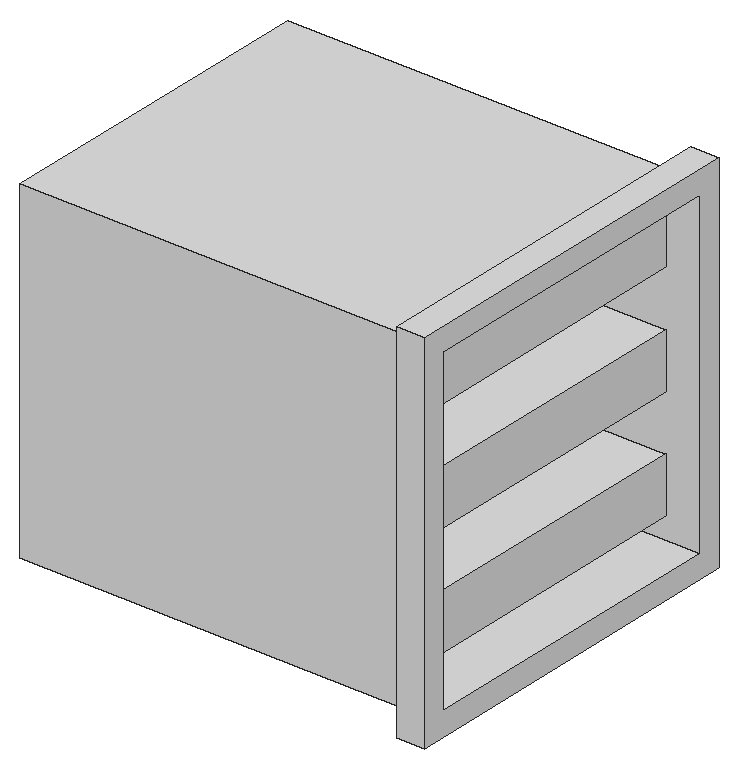
Revit family "KOMPLEKS CHEMOWENT - Tłumik", category Akcesoria wentylacyjne, Revit 2016
Family settings
  Typ części = Tłumik
  Wymiar okrągłego złącza = Użyj średnicy
  Oparty na płaszczyźnie roboczej = Nie
  Zawsze pionowo = Tak
  Tnij formami wycięć po wczytaniu = Nie
  Współdzielony = Nie
Parameters
  Wysokość n [instance] = 100 mm
  n ogr [instance] = if(Liczba kulis < 2, 2, if(Liczba kulis > 12, 12, Liczba kulis))  # 3
  Wysokość tłumika [instance] = Liczba kulis * 100 mm * 2  # 600 mm
  Wysokość kołnierza [instance] = A ogr + 60 mm  # 660 mm
  Szerokość tłumika [instance] = 600 mm
  Liczba kulis [instance] = 3
  Zakres grubości płyt [instance] = "4,6,8,10 i 12 mm"
  Wysokość wycięcia [instance] = A ogr - 2 * Grubość płyt  # 576 mm
  URL = "https://chemowent.pl/"
  Szerokość wycięcia [instance] = B ogr - 2 * Grubość płyt  # 576 mm
  Producent = "KOMPLEKS CHEMOWENT"
  Opis = "2.2.14. Tłumik"
  Model = "Tłumik"
  Materiał = KOMPLEKS CHEMOWENT - PPs
  L ogr [instance] = if(Długość tłumika < 500 mm, 500 mm, Długość tłumika)  # 700 mm
  Grubość płyt [instance] = 12 mm
  Szerokość kołnierza [instance] = B ogr + 60 mm  # 660 mm
  Długość tłumika [instance] = 700 mm
  Dokumentacja techniczna = "https://chemowent.pl/dopobrania/Katalog-techniczny-Chemowent"
  B ogr [instance] = if(Wysokość tłumika < 200 mm, 200 mm, Wysokość tłumika)  # 600 mm
  A ogr [instance] = if(Szerokość tłumika < 200 mm, 200 mm, Szerokość tłumika)  # 600 mm
Reference planes
  plane 1 "Środek (Przód/Tył)": y = 0
  plane 2: z = 0
  plane 3 "Środek (Lewa/Prawa)": x = 0
  plane 4: y = 300
  plane 5: y = -300
  plane 6: z = 600
  plane 7: x = 700
  plane 8: z = 300
  plane 9: z = 50
  plane 10: z = 150
Forms (mm)
  Sweep 1, solid, material "KOMPLEKS CHEMOWENT - PPs" <- "Materiał", detail levels fine
    path origin (0, 0, 0) x (1, 0, 0) y (0, 1, 0)
      loop
        line (750, 0) -> (700, 0)
    profile origin (725, 0, 0) x (0, -1, 0) y (0, 0, 1)
      loop
        line (-330, 630) -> (-330, -30) -> (330, -30) -> (330, 630) -> (-330, 630)
  Extrusion 2, solid, material "KOMPLEKS CHEMOWENT - PPs" <- "Materiał", detail levels fine
    sketch origin (0, 0, 0) x (1, 0, 0) y (0, 0, 1)
      loop
        line (0, 600) -> (0, 0) -> (700, 0) -> (700, 600) -> (0, 600)
    from -300 to 300
  Extrusion 3, void
    sketch origin (0, 0, 0) x (0, 1, 0) y (0, 0, 1)
      loop
        line (-288, 588) -> (-288, 12) -> (288, 12) -> (288, 588) -> (-288, 588)
    from 0 to 750
  Extrusion 4, solid, material "KOMPLEKS CHEMOWENT - PPs" <- "Materiał", detail levels medium
    sketch origin (0, 0, 0) x (1, 0, 0) y (0, 0, 1)
      loop
        line (0, 600) -> (0, 0) -> (700, 0) -> (700, 600) -> (0, 600)
    from -300 to 300
Cuts and joins
  Extrusion 3 cuts Sweep 1
  Extrusion 3 cuts Extrusion 2
  joined: Sweep 1, Extrusion 2
Lines and regions (mm)
  model lines, detail levels coarse
    curve 1: line (0, -300, 0) -> (0, 300, 0)
    curve 2: line (0, 0, 600) -> (700, 0, 600)
    curve 3: line (0, 0, 0) -> (0, 0, 600)
    curve 4: line (700, 0, 0) -> (0, 0, 0)
    curve 5: line (700, 0, 600) -> (700, 0, 0)
    curve 6: line (0, -300, 600) -> (0, 300, 600)
    curve 7: line (0, -300, 0) -> (0, -300, 600)
    curve 8: line (0, 300, 0) -> (0, -300, 0)
    curve 9: line (0, 300, 600) -> (0, 300, 0)
Dimensions and locks
  equal spacing: plane 5, plane 1 "Środek (Przód/Tył)", plane 4
  "A ogr": plane 4 to plane 5
  equal spacing: Sweep 1 sketch curve, plane 1 "Środek (Przód/Tył)", Sweep 1 sketch curve
  "Wysokość kołnierza": Sweep 1 sketch curve to Sweep 1 sketch curve
  "Szerokość kołnierza": Sweep 1 sketch curve to Sweep 1 sketch curve
  "L ogr": plane 3 "Środek (Lewa/Prawa)" to plane 7
  equal spacing: Extrusion 3 sketch curve, plane 1 "Środek (Przód/Tył)", Extrusion 3 sketch curve
  "Wysokość wycięcia": Extrusion 3 sketch curve to Extrusion 3 sketch curve
  "Szerokość wycięcia": Extrusion 3 sketch curve to Extrusion 3 sketch curve
  locked: plane 7 to Sweep 1 sketch curve at 50
  equal spacing: Sweep 1 sketch curve, plane 8, Sweep 1 sketch curve
  "Wysokość tłumika": plane 6 to plane 2
  equal spacing: plane 6, plane 8, plane 2
  equal spacing: Extrusion 3 sketch curve, plane 8, Extrusion 3 sketch curve
  locked: cut or joined group of Sweep 1, Extrusion 2, Extrusion 3 to plane 7 at 50
  locked: plane 9 to level at 50
  "Wysokość n": plane 10 to plane 9
  equal spacing: group 1, group 2, group 3  (x3)
  "Wysokość n": nested 2 to plane 10
  aligned and locked: level to plane 2
  aligned and locked: plane 1 "Środek (Przód/Tył)" to Sweep 1 sketch curve
  aligned and locked: Extrusion 2 sketch curve to plane 3 "Środek (Lewa/Prawa)"
  aligned and locked: Extrusion 2 sketch curve to plane 6
  aligned and locked: Extrusion 2 to plane 4
  aligned and locked: Extrusion 2 to plane 5
  aligned and locked: Extrusion 2 sketch curve to plane 7
  aligned and locked: plane 7 to Sweep 1 sketch curve
  aligned and locked: Extrusion 3 to plane 3 "Środek (Lewa/Prawa)"
  aligned and locked: Extrusion 2 sketch curve to plane 2
  aligned and locked: Extrusion 4 sketch curve to plane 3 "Środek (Lewa/Prawa)"
  aligned and locked: Extrusion 4 sketch curve to plane 6
  aligned and locked: Extrusion 4 sketch curve to plane 7
  aligned and locked: Extrusion 4 sketch curve to plane 2
  aligned and locked: Extrusion 4 to plane 4
  aligned and locked: Extrusion 4 to plane 5
  aligned and locked: plane 3 "Środek (Lewa/Prawa)" to nested 1
  aligned and locked: curve 2 to plane 6
  aligned and locked: plane 2 to curve 4
  aligned and locked: plane 3 "Środek (Lewa/Prawa)" to curve 3
  aligned and locked: curve 5 to plane 7
  aligned and locked: plane 5 to curve 7
  aligned and locked: curve 9 to plane 4
  aligned and locked: curve 6 to plane 6
  aligned and locked: plane 2 to curve 8
  aligned and locked: nested 1 to plane 5
  aligned and locked: plane 9 to nested 1
  aligned and locked: nested 2 to plane 5
Automatic sketch dimensions
  curve 1 to plane 3 "Środek (Lewa/Prawa)" = 0 mm
  curve 1 to plane 5 = 0 mm
  curve 1 to plane 4 = 0 mm
Nested families
  nested 1: "Kulisy" at (0, -300, 50), type "Kulisy", detail levels fine
  nested 2: "Kulisy" at (0, -300, 250), type "Kulisy", detail levels fine
  nested 3: "Kulisy" at (0, -300, 450), type "Kulisy", detail levels fine
Connectors
  hvac at (700, 0, 300), driven by "Wysokość tłumika", driven by "Szerokość tłumika"
    settings: on Extrusion 4, index 1, duct flow 0.0 m³/h, flow factor 0, pres drop 0.0 Pa, loss coef 0, conn angle 0.00°, conn width 600 mm, conn height 600 mm, conn diameter 609.6 mm, duct sys type 28, conn prof type 1, flow config 0, flow direction 0, loss method 0, conn ref index -1, conn util no, is conn primary yes, conn desc ""
  hvac at (0, 0, 300), driven by "Wysokość tłumika", driven by "Szerokość tłumika"
    settings: on Extrusion 4, index 2, duct flow 0.0 m³/h, flow factor 0, pres drop 0.0 Pa, loss coef 0, conn angle 0.00°, conn width 600 mm, conn height 600 mm, conn diameter 609.6 mm, duct sys type 28, conn prof type 1, flow config 0, flow direction 0, loss method 0, conn ref index -1, conn util no, is conn primary no, conn desc ""
Definition of nested family "Kulisy"
  Parameters (values of type "Kulisy")
    Ścianka = 12 mm
    Materiał = none
    L = 700 mm
    B = 100 mm
    A = 600 mm
  Reference planes
    plane 1 "Środek (Przód/Tył)": y = 0
    plane 2: z = 0
    plane 3 "Środek (Lewa/Prawa)": x = 0
    plane 4: y = 600
    plane 5: x = 700
    plane 6: z = 100
  Forms (mm)
    Extrusion 1, solid, material <- "Materiał"
      sketch origin (0, 0, 0) x (1, 0, 0) y (0, 1, 0)
        loop
          line (12, 12) -> (688, 12) -> (688, 588) -> (12, 588) -> (12, 12)
      from 0 to 100
  Dimensions and locks
    "A": plane 4 to plane 1 "Środek (Przód/Tył)"
    "Ścianka": plane 4 to Extrusion 1
    "L": plane 3 "Środek (Lewa/Prawa)" to plane 5
    "Ścianka": plane 3 "Środek (Lewa/Prawa)" to Extrusion 1
    "Ścianka": Extrusion 1 to plane 5
    "Ścianka": plane 1 "Środek (Przód/Tył)" to Extrusion 1
    "B": plane 6 to plane 2
    plane 6 to level = 100 mm
    aligned and locked: level to plane 2
    aligned and locked: plane 6 to Extrusion 1
    aligned and locked: Extrusion 1 to level
  Automatic sketch dimensions
    plane 3 "Środek (Lewa/Prawa)" to Extrusion 1 sketch curve = 12 mm
    Extrusion 1 sketch curve to plane 1 "Środek (Przód/Tył)" = 12 mm
    plane 3 "Środek (Lewa/Prawa)" to Extrusion 1 sketch curve = 688 mm
    Extrusion 1 sketch curve to plane 1 "Środek (Przód/Tył)" = 588 mm
